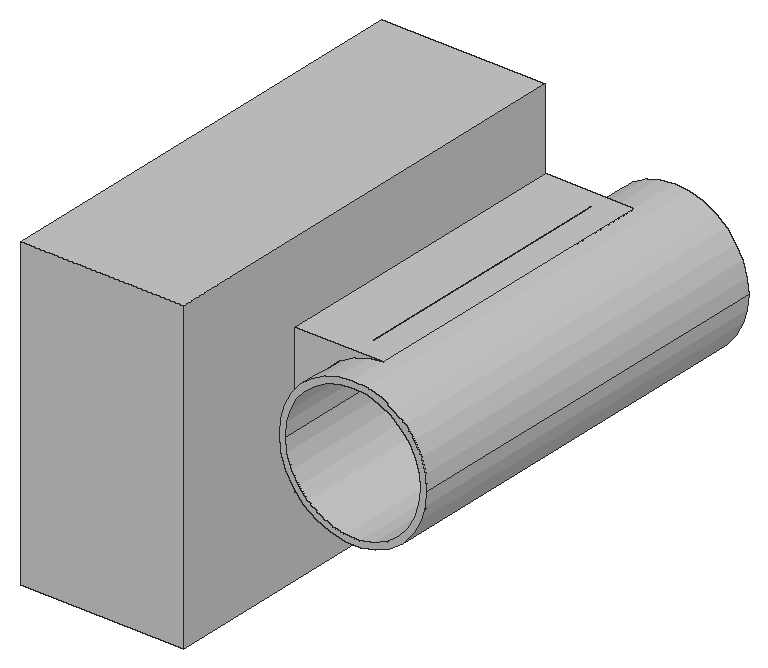
Revit family
Parameters
  Unit Weight = "19.0 lbs"
  URL = "http://www.titus-hvac.com/"
  Static Pressure [instance] = 0.00 in-wg
  Nominal Width = 1' - 1"
  Nominal Length = 1' - 8"
  Nominal Inlet Size = 0' - 6"
  Nominal Inlet Length = 1' - 4"
  Nominal Height = 1' - 0 1/4"
  Model = "DECV"
  Min. Air Flow = 0 CFM
  Max. Air Flow = 500 CFM
  Material = Steel
  Manufacturer = "Titus"
  Inlet Radius = 0' - 2 15/16"
  Inlet Opening Radius = 0' - 2 11/16"
  Inlet Offset = 0' - 2"
  Inlet Extrusion Radius = 0' - 2 15/16"
  Inlet Diameter = 0' - 5 7/8"
  Inlet = Duct D / 2  # 0' - 2 15/16"
  Duct D = 0' - 5 7/8"
  Design Air Flow [instance] = 0 CFM
  Description = "Digital Control Terminal Unit, Retrofit, Variable Volume"
  Control Box Offset = 0' - 3 9/16"
  CADworks URL = "www.CADworks.net"
  Assembly Code = "D3040100"
Reference planes (in)
  plane 1 "Center (Front/Back)": y = 0
  plane 2: z = 0
  plane 3 "Center (Left/Right)": x = 0
  plane 4: x = -3.5625
  plane 5: y = 6
  plane 6: y = 8
  plane 7: y = -8
  plane 8: y = -12
  plane 9: z = 6.125
  plane 10: z = -6.125
  plane 11: x = -10.0625
  plane 12: x = 2.9375
Forms (in)
  Extrusion 1, solid, material "Steel" <- "Material"
    sketch origin (0, 6, 0) x (-1, 0, 0) y (0, 0, -1)
      loop
        line (3.5625, -6.125) -> (10.0625, -6.125) -> (10.0625, 6.125) -> (3.5625, 6.125) -> (3.5625, -6.125)
    from 0 to 18
  Extrusion 2, solid, material "Steel" <- "Material"
    sketch origin (0, 10, 0) x (1, 0, 0) y (0, 0, 1)
      loop
        line (-3.5625, -2.9375) -> (0, -2.9375)
        arc (0, -2.9375) -> (-2.9375, 0) -> (0, 2.9375) r 2.9375
        line (0, 2.9375) -> (-3.5625, 2.9375) -> (-3.5625, -2.9375)
    from 4 to 16.5
  Extrusion 3, solid, material "Steel" <- "Material"
    sketch origin (0, -8.5, 0) x (1, 0, 0) y (0, 0, 1)
      loop
        circle (0, 0) r 2.9375
    from -16.5 to -0.5
  Extrusion 4, void
    sketch origin (0, -8, 0) x (-1, 0, 0) y (0, 0, 1)
      loop
        circle (0, 0) r 2.6875
    from 0 to 24
Cuts and joins
  Extrusion 4 cuts Extrusion 2
  Extrusion 4 cuts Extrusion 3
Dimensions and locks (in)
  locked: Extrusion 1 to Extrusion 1 at 18
  locked: Extrusion 3 sketch curve to level at 0
  locked: Extrusion 3 sketch curve to plane 3 "Center (Left/Right)" at 0
  "Control Box Offset": plane 3 "Center (Left/Right)" to Extrusion 1
  locked: Extrusion 1 sketch curve to Extrusion 1 sketch curve at 6.5
  locked: Extrusion 1 sketch curve to Extrusion 1 sketch curve at 12.25
  equal spacing: Extrusion 1 sketch curve, plane 2, Extrusion 1 sketch curve
  "Inlet Offset": plane 6 to plane 5
  locked: Extrusion 1 to plane 5 at 0
  "Inlet Diameter": Extrusion 2 sketch curve to Extrusion 2 sketch curve
  equal spacing: Extrusion 2 sketch curve, plane 2, Extrusion 2 sketch curve
  "Control Box Offset": plane 4 to plane 3 "Center (Left/Right)"
  "Inlet Offset": plane 6 to cut or joined group of Extrusion 2, Extrusion 4
  locked: cut or joined group of Extrusion 3, Extrusion 4 to plane 6 at 0
  "Nominal Inlet Length": cut or joined group of Extrusion 3, Extrusion 4 to cut or joined group of Extrusion 3, Extrusion 4
  equal spacing: cut or joined group of Extrusion 3, Extrusion 4, plane 1 "Center (Front/Back)", cut or joined group of Extrusion 3, Extrusion 4
  "Nominal Inlet Length": plane 7 to plane 6
  equal spacing: plane 7, plane 1 "Center (Front/Back)", plane 6
  locked: plane 7 to cut or joined group of Extrusion 2, Extrusion 4 at 1.5
  locked: plane 8 to plane 6 at 20
  locked: plane 9 to plane 10 at 12.25
  "Inlet Radius": radius of Extrusion 3 sketch curve
  "Inlet Extrusion Radius": radius of Extrusion 2 sketch curve
  "Inlet Opening Radius": radius of Extrusion 4 sketch curve
  aligned and locked: plane 3 "Center (Left/Right)" to connector elem
  aligned and locked: connector elem to plane 3 "Center (Left/Right)"
  aligned and locked: cut or joined group of Extrusion 2, Extrusion 4 to Extrusion 1  (x2)
  aligned and locked: plane 3 "Center (Left/Right)" to Extrusion 2 sketch curve
  aligned and locked: plane 4 to Extrusion 1
Automatic sketch dimensions
  plane 4 to Extrusion 1 sketch curve = 0' - 0"
  Extrusion 2 sketch curve to plane 4 = 0' - 0"
Connectors (in)
  hvac at (0, -8, 0), driven by "Design Air Flow", driven by "Inlet", driven by "Static Pressure"
    settings: on cut or joined group of Extrusion 3, Extrusion 4, index 1
  hvac at (0, 8, 0), driven by "Static Pressure", driven by "Design Air Flow", driven by "Inlet"
    settings: on cut or joined group of Extrusion 3, Extrusion 4, index 2
